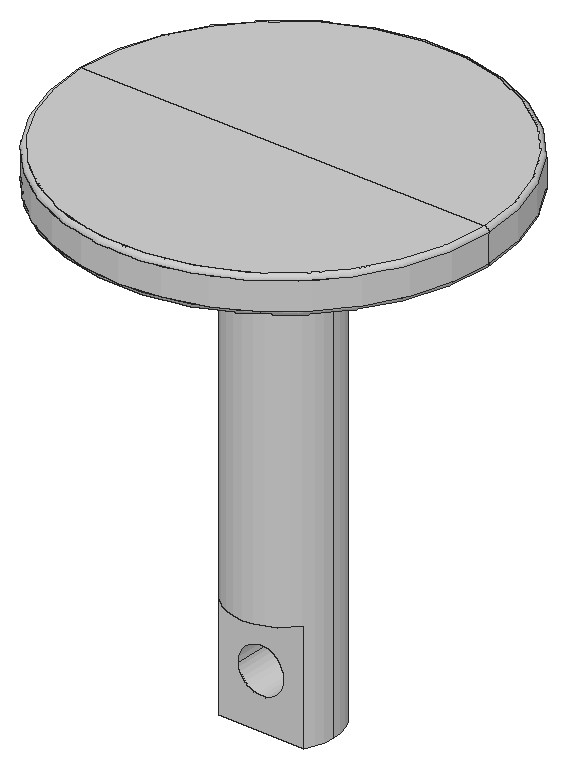
Revit family "URBANE II UNIVERSAL ROBE HOOK", category Specialty Equipment, host Face, Revit 2020
Family settings
  Host = Face
  Round Connector Dimension = Use Radius
  Part Type = Normal
  OmniClass Number = 23.40.20.21.27
  OmniClass Title = Towel Bars
  Cut with Voids When Loaded = No
  Shared = No
  Room Calculation Point = No
Parameters (values of type "URBANE II UNIVERSAL ROBE HOOK - CHROME")
  URL = "https://www.caroma.com.au/"
  RAIL_WIDTH = 755 mm
  Model = "96328C"
  Material_Base = GWA_Metal-Chrome
  Manufacturer = "GWA Bathrooms & Kitchens"  # constant formula
  Description = "URBANE II UNIVERSAL ROBE HOOK - CHROME"
  Default Elevation = 1000 mm
  CreatedBy_ANZRS = "GWA Bathrooms & Kitchens"  # constant formula
  Assembly Code = "C1030220"
Types (6, lengths in mm): name | Model | Material_Base | Description
  (no name) | "96328C" | GWA_Metal-Chrome | "URBANE II UNIVERSAL ROBE HOOK - CHROME"
  URBANE II UNIVERSAL ROBE HOOK - CHROME | "96328C" | GWA_Metal-Chrome | "URBANE II UNIVERSAL ROBE HOOK - CHROME"
  URBANE II UNIVERSAL ROBE HOOK - BLACK | "96328B" | GWA-Metal-Black | "URBANE II UNIVERSAL ROBE HOOK - BLACK"
  URBANE II UNIVERSAL ROBE HOOK - BRUSHED NICKEL | "96328BN" | GWA_Metal-Brushed-Nickel | "URBANE II UNIVERSAL ROBE HOOK - BRUSHED NICKEL"
  URBANE II UNIVERSAL ROBE HOOK - BRUSHED BRASS | "96328BB" | GWA_Metal-Brushed-Brass | "URBANE II UNIVERSAL ROBE HOOK - BRUSHED BRASS"
  URBANE II UNIVERSAL ROBE HOOK - GUN METAL | "96328GM" | GWA-Metal-Gunmetal Grey | "URBANE II UNIVERSAL ROBE HOOK - GUN METAL"
Reference planes
  plane 1 "Center (Front/Back)": y = 0
  plane 2: z = 0
  plane 3 "Center (Left/Right)": x = 0
Forms (mm)
  Extrusion 1, void
    sketch origin (0, 0, 0) x (1, 0, 0) y (0, 0, 1)
      loop
        circle (0, -15) r 2.5
    from -7 to 7
  Extrusion 2, void
    sketch origin (0, 0, 0) x (0, 1, 0) y (0, 0, 1)
      loop
        line (-8, -9) -> (-8, -24) -> (-3, -24) -> (-3, -9) -> (-8, -9)
      loop
        line (8, -9) -> (3, -9) -> (3, -24) -> (8, -24) -> (8, -9)
    from -20 to 20
  Revolve 3, solid, material "GWA_Metal-Chrome" <- "Material_Base"
    sketch origin (0, 0, 0) x (1, 0, 0) y (0, 0, 1)
      loop
        line (0, -21) -> (5.5, -21) -> (5.5, 29)
        arc (5.5, 29) -> (6.086, 30.414) -> (7.5, 31) r 2
        line (7.5, 31) -> (22, 31)
        arc (22, 31) -> (22.354, 31.146) -> (22.5, 31.5) r 0.5
        line (22.5, 31.5) -> (22.5, 34.5)
        arc (22.5, 34.5) -> (22.354, 34.854) -> (22, 35) r 0.5
        line (22, 35) -> (0, 35) -> (0, -21)
      axis (0, -21) -> (0, 35)
    angle from 0 to 360
Cuts and joins
  Extrusion 1, Extrusion 2 cuts Revolve 3
Lines and regions (mm)
  Masking region 1
    outline origin (0, 0, 0) x (1, 0, 0) y (0, 0, 1)
      loop
        arc (-22, 35) -> (-22.354, 34.854) -> (-22.5, 34.5) r 0.5
        line (-22.5, 34.5) -> (-22.5, 31.5)
        arc (-22.5, 31.5) -> (-22.354, 31.146) -> (-22, 31) r 0.5
        line (-22, 31) -> (-7.5, 31)
        arc (-7.5, 31) -> (-6.086, 30.414) -> (-5.5, 29) r 2
        line (-5.5, 29) -> (-5.5, 0) -> (5.5, 0) -> (5.5, 29)
        arc (5.5, 29) -> (6.086, 30.414) -> (7.5, 31) r 2
        line (7.5, 31) -> (22, 31)
        arc (22, 31) -> (22.354, 31.146) -> (22.5, 31.5) r 0.5
        line (22.5, 31.5) -> (22.5, 34.5)
        arc (22.5, 34.5) -> (22.354, 34.854) -> (22, 35) r 0.5
        line (22, 35) -> (-22, 35)
  Masking region 2
    outline origin (300, 0, 0) x (0, 1, 0) y (0, 0, 1)
      loop
        line (-22, 31) -> (-7.5, 31)
        arc (-7.5, 31) -> (-6.086, 30.414) -> (-5.5, 29) r 2
        line (-5.5, 29) -> (-5.5, 0) -> (5.5, 0) -> (5.5, 29)
        arc (5.5, 29) -> (6.086, 30.414) -> (7.5, 31) r 2
        line (7.5, 31) -> (22, 31)
        arc (22, 31) -> (22.354, 31.146) -> (22.5, 31.5) r 0.5
        line (22.5, 31.5) -> (22.5, 34.5)
        arc (22.5, 34.5) -> (22.354, 34.854) -> (22, 35) r 0.5
        line (22, 35) -> (-22, 35)
        arc (-22, 35) -> (-22.354, 34.854) -> (-22.5, 34.5) r 0.5
        line (-22.5, 34.5) -> (-22.5, 31.5)
        arc (-22.5, 31.5) -> (-22.354, 31.146) -> (-22, 31) r 0.5
  Masking region 3
    outline origin (0, 0, 0) x (1, 0, 0) y (0, 1, 0)
      loop
        circle (0, 0) r 22.5
  symbolic lines
    curve 1: line (5.5, 0, 0) -> (5.5, 0, 29)
    curve 2: line (-22, 0, 35) -> (22, 0, 35)
    curve 3: line (-22, 0, 31) -> (22, 0, 31)
    curve 4: line (22.5, 0, 31.5) -> (22.5, 0, 34.5)
    curve 5: line (-22.5, 0, 31.5) -> (-22.5, 0, 34.5)
    curve 6: line (-5.5, 0, 0) -> (-5.5, 0, 29)
    curve 7: line (-5.5, 0, 0) -> (5.5, 0, 0)
    curve 8: arc (-22.5, 0, 34.5) -> (-22.354, 0, 34.854) -> (-22, 0, 35) r 0.5
    curve 9: arc (-22.5, 0, 31.5) -> (-22.354, 0, 31.146) -> (-22, 0, 31) r 0.5
    curve 10: arc (22, 0, 31) -> (22.354, 0, 31.146) -> (22.5, 0, 31.5) r 0.5
    curve 11: arc (22.5, 0, 34.5) -> (22.354, 0, 34.854) -> (22, 0, 35) r 0.5
    curve 12: arc (-7.5, 0, 31) -> (-6.086, 0, 30.414) -> (-5.5, 0, 29) r 2
    curve 13: arc (5.5, 0, 29) -> (6.086, 0, 30.414) -> (7.5, 0, 31) r 2
    curve 14: line (300, -5.5, 0) -> (300, -5.5, 29)
    curve 15: line (300, 5.5, 0) -> (300, 5.5, 29)
    curve 16: line (300, -22, 35) -> (300, 22, 35)
    curve 17: line (300, -22.5, 31.5) -> (300, -22.5, 34.5)
    curve 18: line (300, 22.5, 31.5) -> (300, 22.5, 34.5)
    curve 19: line (300, -22, 31) -> (300, 22, 31)
    curve 20: arc (300, 5.5, 29) -> (300, 6.086, 30.414) -> (300, 7.5, 31) r 2
    curve 21: arc (300, -22.5, 31.5) -> (300, -22.354, 31.146) -> (300, -22, 31) r 0.5
    curve 22: arc (300, -22.5, 34.5) -> (300, -22.354, 34.854) -> (300, -22, 35) r 0.5
    curve 23: arc (300, 22, 35) -> (300, 22.354, 34.854) -> (300, 22.5, 34.5) r 0.5
    curve 24: arc (300, 22.5, 31.5) -> (300, 22.354, 31.146) -> (300, 22, 31) r 0.5
    curve 25: arc (300, -5.5, 29) -> (300, -6.086, 30.414) -> (300, -7.5, 31) r 2
    curve 26: line (300, -5.5, 0) -> (300, 5.5, 0)
    curve 27: circle (0, 0, 0) r 22.5 normal (0, 0, 1)
Dimensions and locks
  aligned and locked: plane 2 to host face
  aligned and locked: level to host face
